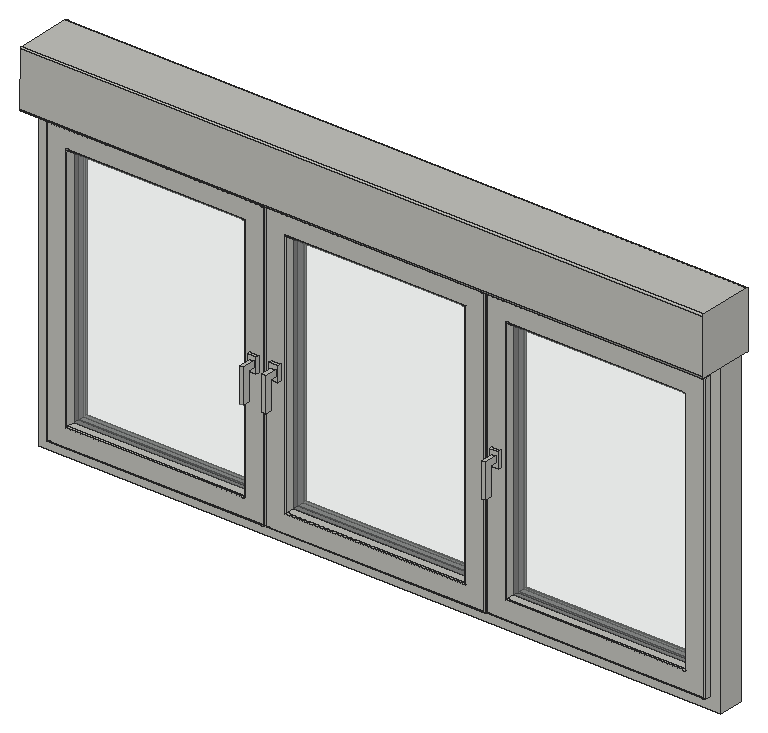
Revit family "2021_ES_Ventana_Replus_RE80-PVC-i30_1130X_BOX_3H_Cajon-Persiana", category Ventanas, Revit 2021
Family settings
  Anfitrión = Muro
  Número OmniClass = 23.30.20.00
  Título OmniClass = Windows
  Siempre vertical = Sí
  Corte con vacíos al cargar = No
  Compartido = No
  Punto de cálculo de habitación = No
Parameters (values of type "1130X_BOX")
  Ι_Wll Thcknss [instance] = 200.000 mm
  Ι_Wdth Cntrl = if(Anchura < 1059.000 mm, 1059.000 mm, if(Anchura > 2961.000 mm, 2961.000 mm, Anchura))  # 2200.000 mm
  Ι_Nst Cntrl [instance] = if(Retranqueo > Ι_Wll Thcknss - 80.000 mm, Ι_Wll Thcknss - 80.000 mm, if(Retranqueo = Ι_Wll Thcknss - 80.000 mm, Ι_Wll Thcknss - 80.000 mm, Retranqueo))  # 0.000 mm
  Ι_Hndl Hght Cntrl = if(Altura de Manilla < 200.000 mm, 200.000 mm, if(Altura de Manilla > Ι_Hght Cntrl - 150.000 mm, Ι_Hght Cntrl - 150.000 mm, Altura de Manilla))  # 500.000 mm
  Ι_Hght Cntrl = if(Altura < 429.000 mm, 429.000 mm, if(Altura > 2658.000 mm, 2658.000 mm, Altura))  # 1000.000 mm
  Zona = ""
  Visibilidad Líneas Apertura - Planta = yes
  Visibilidad Líneas Apertura - Alzado = yes
  Vida Util Esperada = ""
  Version Estandar GDO-BIM = "GDO-BIM V02"  # constant formula
  Version = "RVT2021"  # constant formula
  Verano de transmitancia termica = 0
  Unidad Medicion = ""
  Unidad = ""
  Uniclass2015 Titulo = ""
  Uniclass2015 Codigo = ""
  URL de Declaracion de Prestaciones = ""
  URL Producto = "https://replus.es/bim/"
  URL Perfil BIM = "https://bimetica.com/es/objeto-bim-replus-ventana-re80-pvc-i30-2-hojas-oscilobatientes-11109.html"
  URL = "https://replus.es/"
  UNSPSC Titulo = "Windows"  # constant formula
  UNSPSC Codigo = "30171600"  # constant formula
  Transmitancia termica invierno = 0
  Transmitancia solar = 0
  Transmitancia de ganancia de calor solar = 0
  Transmision de luz visible = 0
  Titular = "Regicarp, S.L."  # constant formula
  Tipo Embalaje Proteccion = ""
  Tiene antepecho interno = yes
  Tiene antepecho externo = yes
  Tiempo Util De Vida = ""
  Tiempo Medio Entre Fallos = ""
  Telefono Contacto = "+34 966544310"  # constant formula
  Soporte tecnico BIM = "https://bimsupport.info/es/fabricantes/regicarp-replus-bim/"
  Sistema = ""
  Serie = ""
  Responsable Seguridad = ""
  Responsable Prescripcion = ""
  Responsable Compra = ""
  Residuos Peligrosos por Unidad = 0
  Residuos No Peligrosos por Unidad = 0
  Residuo Radioactivo por Unidad = 0
  Residuo Inerte por Unidad = 0
  Reflectancia solar = 0
  Reflectancia de luz visible = 0
  Referencia Unidad Funcional = ""
  Referencia Lote = ""
  Referencia Contacto Soporte Tecnico = ""
  Referencia Contacto Comercial Venta = ""
  Referencia = "RE 80/PVC/i30"
  Punto de Contacto = ""
  Proteccion con Malla = yes
  Plataforma descaga contenido BIM = "www.bimetica.com"
  Periodo Garantia = ""
  Partida URL = ""
  Pais de Venta = ""
  Omniclass Titulo = "Plastic Windows"  # constant formula
  Omniclass Codigo = "23-17 13 17"  # constant formula
  Numero de Licencia = "XXXXXXXXXX9500 / No-aportada por bimboject AB (anterior)"  # constant formula
  Numero de Declaracion de Prestaciones = ""
  Numero Serie = ""
  Numero Articulo Global Comercial = ""
  Numero Articulo = ""
  Nivel de Riesgo = ""
  Material Envoltura = ""
  Material Contenedor = ""
  Material = none
  Masterformat Titulo = "Plastic Windows"  # constant formula
  Masterformat Codigo = "08 53 00"  # constant formula
  Marcado CE = yes
  Mantenimiento = ""
  Lugar Ensamblaje = ""
  Instrucciones Especiales = ""
  Informacion Tecnica = ""
  IfcExportType = "Oscilobatiente"  # constant formula
  IfcExportAs = "IfcWindow"  # constant formula
  Identificador Garantia = ""
  Historial = "(RVT2021) Creacion de Elemento."  # constant formula
  Gubimclass Titulo = "Ventanas de fachadas"  # constant formula
  Gubimclass Codigo = "30.10.20.10"  # constant formula
  Gas de Relleno = ""
  Garantia Extendida = yes
  Fuente Datos LCA = ""
  Formacion Fotoquimica Ozono por Unidad = 0
  Fecha Vencimiento Elemento BIM = ""
  Fecha Suministro = ""
  Fecha Inicio Garantia = ""
  Fecha Fin Garantia = ""
  Fecha Evaluacion = ""
  Fecha Emision Elemento BIM = ""
  Fecha Compra = ""
  Fecha Colocacion = ""
  Fase Ciclo Vida = ""
  Falta de Recursos por Unidad = 0
  Exclusiones = ""
  Eutrofizacion por Unidad = 0
  Etiqueta Modelo = ""
  Estandar seguridad = ""
  Espesor de vidrio 3 = 0.000 mm
  Espesor de vidrio 2 = 0.000 mm
  Espesor de vidrio 1 = 0.000 mm
  Espacio libre acceso = 0.000 mm
  Espacio = ""
  Es templado = yes
  Es recubierto = yes
  Es laminado = yes
  Es Exterior = yes
  Es Accesible = yes
  Energia consumida = 0
  Energia Renovable Consumida por Unidad = 0
  Energia Primaria Total Consumida por Unidad = 0
  Energia No Renovable Consumida por Unidad = 0
  Email Contacto = "info@replus.es"  # constant formula
  Destruccion Capa Ozono Estratosferica por Unidad = 0
  Descripcion Evaluacion = ""
  Dependiente De = ""
  Declaracion Ambiental de Producto URL = ""
  Creditos LEED = ""
  Creditos BREEAM = ""
  Coste Mantenimiento = 0
  Contenido Garantia = ""
  Contacto = ""
  Condiciones de Venta = ""
  Condiciones Evaluacion = ""
  Color de vidrio = ""
  Coeficiente de sombreado = 0
  Codigo Barras = ""
  Codigo = ""
  Clasificacion de carga de viento = ""
  Capas de vidrio = 0
  Cambio Climatico por Unidad = 0
  COBie Categoria = "IfcWindow"
  Base Precio Producto 03 = ""
  Base Precio Producto 02 = ""
  Base Precio Producto 01 = ""
  Autor = "Bimetica Parametric Design Services S.L. (actual) / bimobject AB (anterior)"
  Ano Produccion = ""
  Anchura aproximada = Ι_Wdth Cntrl + 2 * Hueco  # 2210.000 mm
  Altura minima requerida = 0.000 mm
  Altura aproximada = Ι_Hght Cntrl + 2 * Hueco  # 1010.000 mm
  Retranqueo [instance] = 0.000 mm
  Product Material = PVC - Replus - 9152 - White
  Modelo = "1130X_BOX"
  Material secondary = "Glass"
  Material main = "PVC"
  Fabricante = "Replus"
  Nota clave = "08500"
  I_Lf_Cntrl = (Ι_Wdth Cntrl - 2.000 mm * 36.8 - 6.000 mm) / 2  # 1060.200 mm
  I_Glss_Wdth = (Ι_Wdth Cntrl - 2.000 mm * 36.8 - 6.000 mm) / 2 - (79.000 mm * 2)  # 902.200 mm
  Hueco = 5.000 mm
  Altura = 1000.000 mm
  Exceso Dimensiones = or(and(Altura < 429.000 mm, Advertencia Dimensión), and(Anchura < 791.000 mm, Advertencia Dimensión), and(Anchura > 2961.000 mm, Advertencia Dimensión), and(Altura > 2658.000 mm, Advertencia Dimensión))  # no
  Edition number = 1
  Descripción = "Perfiles de hoja oculta en PVC, mejorando sustancialmente el campo visual, con triple junta (mediante junta rigida en el marco) protegiendo de esta manera todos los puntos de cierre, aumentando la seguridad y proporcionando una junta perimetral completa, con perfilería de clasificación máxima S-II-A"
  Default Sill Height = 800.000 mm
  Cierre de muro = Por anfitrión
  Anchura = 2200.000 mm
  Código de montaje = "B2020100"
  Construcción analítica = "<None>"
  Altura de Manilla = 500.000 mm
  Agua Consumida por Unidad = 0
  Advertencia Dimensión = yes
  Acidificacion Atmosferica por Unidad = 0
  Acabado = ""
  Absorcion solar = 0
Reference planes
  plane 1 "Center (Front/Back)": y = 0
  plane 2 "Center (Left/Right)": x = 0
  plane 3 "Left": x = -749.6
  plane 4 "Right": x = 1460.4
  plane 5 "Sill": z = 800
  plane 6 "Head": z = 1995
  plane 7 "Exterior": y = 100
  plane 8 "Interior": y = -100
  plane 9: x = -744.6
  plane 10: x = 1455.4
  plane 11: z = 1805
  plane 12: z = 805
  plane 13 "Inset": y = -20
  plane 14: x = -704.8
  plane 15: x = 707.8
  plane 16: z = 1768.2
  plane 17: z = 841.8
  plane 18 "fg": x = -644.8
  plane 19 "glass": y = -42.5
  plane 20: y = -46.5
  plane 21: y = -64.5
  plane 22: y = -68.5
  plane 23: y = -86.5
  plane 24: y = -90.5
  plane 25: x = 647.8
  plane 26 "fg2": z = 1720.2
  plane 27: z = 889.8
  plane 28: x = -3
  plane 29: x = 3
  plane 30: x = 63
  plane 31: x = -63
  plane 32: x = -35
  plane 33: x = 35
  plane 34: x = -353.9
  plane 35: x = 355.4
  plane 36: z = 1305
  plane 37: y = -53
  plane 38: y = -104.304
  plane 39: y = 500
  plane 40: y = -100
  plane 41: x = -46
  plane 42: x = 46
  plane 43: x = -661.8
  plane 44: x = 664.8
  plane 45: z = 1725.2
  plane 46: z = 884.8
  plane 47: z = 1704.2
  plane 48: z = 905.8
  plane 49: x = -640.8
  plane 50: x = -67
  plane 51: x = 67
  plane 52: x = 643.8
  plane 53: y = -38.5
  plane 54: y = -118.5
  plane 55 "C": y = -78.5
  plane 56 "fg3": x = -656.8
  plane 57 "5": x = -51
  plane 58 "3": x = -650.8
  plane 59 "1": z = 895.8
  plane 60 "2": z = 1714.2
  plane 61 "4": x = -57
  plane 62: x = 51
  plane 63: x = 659.8
  plane 64: x = 57
  plane 65: x = 653.8
  plane 66: x = 710.8
  plane 67: x = 713.8
  plane 68: x = 1418.6
  plane 69: x = 756.8
  plane 70: x = 1375.6
  plane 71: x = 761.8
  plane 72: x = 1370.6
  plane 73: x = 777.8
  plane 74: x = 1354.6
  plane 75: x = 767.8
  plane 76: x = 773.8
  plane 77: x = 1364.6
  plane 78: x = 1358.6
  plane 79: x = 745.8
  plane 80: x = 675.8
  plane 81: x = -707.8
  plane 82: x = 1066.2
  plane 83: x = 1421.6
  plane 84: x = -710.8
  plane 85: z = 1990
  plane 86: y = 10
Forms (mm)
  Sweep 1, solid, material "PVC - Replus - 9152 - White" <- "Product Material", detail levels fine
    path origin (0, -20, 0) x (-1, 0, 0) y (0, 0, 1)
      loop
        line (744.6, 1805) -> (-1455.4, 1805) -> (-1455.4, 805) -> (744.6, 805) -> (744.6, 1805)
    profile origin (-744.6, -20, 1305) x (1, 0, 0) y (0, 1, 0)
      loop
        line (0, -80) -> (43.8, -80)
        arc (43.8, -80) -> (44.507, -79.707) -> (44.8, -79) r 1
        line (44.8, -79) -> (44.8, -38) -> (63.811, -38) -> (63.811, -18.5) -> (75.767, -18.5)
        arc (75.767, -18.5) -> (76.56, -18.109) -> (76.733, -17.241) r 1
        line (76.733, -17.241) -> (72.709, -2.224)
        arc (72.709, -2.224) -> (71.637, -0.62) -> (69.811, 0) r 3
        line (69.811, 0) -> (0, 0) -> (0, -80)
  Extrusion 2, solid, material "Glass - Replus", detail levels fine
    sketch origin (0, 0, 0) x (1, 0, 0) y (0, 1, 0)
      loop
        line (-656.8, -42.5) -> (-656.8, -46.5) -> (-51, -46.5) -> (-51, -42.5) -> (-656.8, -42.5)
      loop
        line (-656.8, -64.5) -> (-656.8, -68.5) -> (-51, -68.5) -> (-51, -64.5) -> (-656.8, -64.5)
      loop
        line (-656.8, -86.5) -> (-656.8, -90.5) -> (-51, -90.5) -> (-51, -86.5) -> (-656.8, -86.5)
      loop
        line (51, -42.5) -> (51, -46.5) -> (659.8, -46.5) -> (659.8, -42.5) -> (51, -42.5)
      loop
        line (51, -64.5) -> (51, -68.5) -> (659.8, -68.5) -> (659.8, -64.5) -> (51, -64.5)
      loop
        line (51, -86.5) -> (51, -90.5) -> (659.8, -90.5) -> (659.8, -86.5) -> (51, -86.5)
      loop
        line (761.8, -42.5) -> (761.8, -46.5) -> (1370.6, -46.5) -> (1370.6, -42.5) -> (761.8, -42.5)
      loop
        line (761.8, -64.5) -> (761.8, -68.5) -> (1370.6, -68.5) -> (1370.6, -64.5) -> (761.8, -64.5)
      loop
        line (761.8, -86.5) -> (761.8, -90.5) -> (1370.6, -90.5) -> (1370.6, -86.5) -> (761.8, -86.5)
    from 889.8 to 1720.2
  Sweep 3, solid, material "PVC - Replus - 9152 - White" <- "Product Material", detail levels fine
    path origin (0, -20, 0) x (-1, 0, 0) y (0, 0, 1)
      loop
        line (0, 1768.2) -> (0, 841.8)
    profile "Profile 05 - Inversora : Profile 05 - Inversora" origin (0, -20, 1305) x (-1, 0, 0) y (0, 1, 0)
      loop
        line (36.791, 0) -> (-38.492, 0)
        arc (-38.492, 0) -> (-39.937, -0.49) -> (-40.784, -1.758) r 2.372
        line (-40.784, -1.758) -> (-45.27, -18.5) -> (-35.296, -18.5) -> (-19.158, -18.5) -> (-19.158, -28.799) -> (-35.094, -38) -> (-10.996, -38) -> (-10.996, -58.9) -> (-8.796, -58.9) -> (-8.796, -60.9) -> (-5.696, -60.9) -> (-5.696, -59.85) -> (0.504, -59.85) -> (0.504, -74.15) -> (-6.296, -74.15) -> (-6.296, -73.1) -> (-8.796, -73.1) -> (-8.796, -75.1) -> (-10.996, -75.1) -> (-10.996, -79.5)
        arc (-10.996, -79.5) -> (-10.85, -79.854) -> (-10.496, -80) r 0.5
        line (-10.496, -80) -> (22.004, -80) -> (22.004, -79) -> (22.004, -56.25) -> (22.004, -38) -> (33.504, -38)
        arc (33.504, -38) -> (33.857, -37.854) -> (34.004, -37.5) r 0.5
        line (34.004, -37.5) -> (34.004, -20.5) -> (34.004, -18.5) -> (43.47, -18.5) -> (38.958, -1.663)
        arc (38.958, -1.663) -> (38.157, -0.464) -> (36.791, 0) r 2.243
  Sweep 4, solid, material "PVC - Replus - 9152 - White" <- "Product Material", detail levels fine
    path origin (0, -20, 0) x (-1, 0, 0) y (0, 0, 1)
      loop
        line (-707.8, 1768.2) -> (-707.8, 841.8) -> (-3, 841.8) -> (-3, 1768.2) -> (-707.8, 1768.2)
    profile origin (3, -20, 1305) x (0, 1, 0) y (-1, 0, 0)
      loop
        line (-32.5, -33) -> (-42, -33) -> (-42, -27.5) -> (-42, -20) -> (-80, -20) -> (-80, -7.5) -> (-80, 0) -> (-95.5, 0)
        arc (-95.5, 0) -> (-97.621, -0.879) -> (-98.5, -3) r 3
        line (-98.5, -3) -> (-98.5, -61)
        arc (-98.5, -61) -> (-97.621, -63.121) -> (-95.5, -64) r 3
        line (-95.5, -64) -> (-70.5, -64) -> (-70.5, -43) -> (-22.5, -43) -> (-22.5, -40.495) -> (-22.5, -33) -> (-32.5, -33)
  Sweep 5, solid, material "PVC - Replus - 9152 - White" <- "Product Material", detail levels fine
    path origin (0, -20, 0) x (-1, 0, 0) y (0, 0, 1)
      loop
        line (704.8, 1768.2) -> (3, 1768.2) -> (3, 841.8) -> (704.8, 841.8) -> (704.8, 1768.2)
    profile origin (-704.8, -20, 1305) x (1, 0, 0) y (0, 1, 0)
      loop
        line (33, -32.5) -> (33, -42) -> (27.5, -42) -> (20, -42) -> (20, -80) -> (7.5, -80) -> (0, -80) -> (0, -95.5)
        arc (0, -95.5) -> (0.879, -97.621) -> (3, -98.5) r 3
        line (3, -98.5) -> (61, -98.5)
        arc (61, -98.5) -> (63.121, -97.621) -> (64, -95.5) r 3
        line (64, -95.5) -> (64, -70.5) -> (43, -70.5) -> (43, -22.5) -> (40.495, -22.5) -> (33, -22.5) -> (33, -32.5)
  Sweep 6, solid, material "PVC - Replus - 9152 - White" <- "Product Material", detail levels medium
    path origin (0, -20, 0) x (-1, 0, 0) y (0, 0, 1)
      loop
        line (0, 841.8) -> (0, 1768.2)
    profile origin (0, -20, 1305) x (1, 0, 0) y (0, 1, 0)
      loop
        line (-43.202, 0) -> (-43.202, -18.5) -> (-36, -18.5) -> (-36, -19.5) -> (-36, -42) -> (-23.004, -42) -> (-23.004, -80) -> (23, -80) -> (23, -58.9) -> (23, -42) -> (36, -42) -> (36, -38.377) -> (36, -18.5) -> (41.196, -18.5) -> (44.198, -18.5) -> (44.198, 0) -> (-43.202, 0)
  Sweep 7, solid, material "PVC - Replus - 9152 - White" <- "Product Material", detail levels medium
    path origin (0, -20, 0) x (-1, 0, 0) y (0, 0, 1)
      loop
        line (744.6, 1805) -> (-1455.4, 1805) -> (-1455.4, 805) -> (744.6, 805) -> (744.6, 1805)
    profile origin (-744.6, -20, 1305) x (1, 0, 0) y (0, 1, 0)
      loop
        line (0, -80) -> (56.8, -80) -> (56.8, -42) -> (69.8, -42) -> (69.8, -18.5) -> (76.662, -18.5) -> (76.662, 0) -> (0, 0) -> (0, -80)
  Sweep 8, solid, material "PVC - Replus - 9152 - White" <- "Product Material", detail levels medium
    path origin (0, -20, 0) x (-1, 0, 0) y (0, 0, 1)
      loop
        line (704.8, 1768.2) -> (3, 1768.2) -> (3, 841.8) -> (704.8, 841.8) -> (704.8, 1768.2)
    profile origin (-704.8, -20, 1305) x (1, 0, 0) y (0, 1, 0)
      loop
        line (20, -42) -> (20, -80) -> (0, -80) -> (0, -98.5) -> (64, -98.5) -> (64, -70.5) -> (43, -70.5) -> (43, -22.5) -> (33, -22.5) -> (33, -42) -> (20, -42)
  Sweep 9, solid, material "PVC - Replus - 9152 - White" <- "Product Material", detail levels medium
    path origin (0, -20, 0) x (-1, 0, 0) y (0, 0, 1)
      loop
        line (-3, 1768.2) -> (-707.8, 1768.2) -> (-707.8, 841.8) -> (-3, 841.8) -> (-3, 1768.2)
    profile origin (3, -20, 1305) x (1, 0, 0) y (0, 1, 0)
      loop
        line (20, -42) -> (20, -80) -> (0, -80) -> (0, -98.5) -> (64, -98.5) -> (64, -70.5) -> (43, -70.5) -> (43, -22.5) -> (33, -22.5) -> (33, -42) -> (20, -42)
  Sweep 10, solid, material "PVC - Replus - 9152 - White" <- "Product Material", detail levels coarse
    path origin (0, -20, 0) x (-1, 0, 0) y (0, 0, 1)
      loop
        line (744.6, 1805) -> (-1455.4, 1805) -> (-1455.4, 805) -> (744.6, 805) -> (744.6, 1805)
    profile origin (-744.6, -20, 1305) x (1, 0, 0) y (0, 1, 0)
      loop
        line (0, -80) -> (56.8, -80) -> (56.8, -18.5) -> (76.662, -18.5) -> (76.662, 0) -> (0, 0) -> (0, -80)
  Sweep 11, solid, material "PVC - Replus - 9152 - White" <- "Product Material", detail levels coarse
    path origin (0, -20, 0) x (-1, 0, 0) y (0, 0, 1)
      loop
        line (704.8, 1768.2) -> (3, 1768.2) -> (3, 841.8) -> (704.8, 841.8) -> (704.8, 1768.2)
    profile origin (-704.8, -20, 1305) x (1, 0, 0) y (0, 1, 0)
      loop
        line (20, -75.1) -> (20, -80) -> (7.5, -80) -> (0, -80) -> (0, -98.5) -> (64, -98.5) -> (64, -18.5) -> (43, -18.5) -> (40.495, -18.5) -> (20, -18.5) -> (20, -75.1)
  Sweep 12, solid, material "PVC - Replus - 9152 - White" <- "Product Material", detail levels coarse
    path origin (0, -20, 0) x (-1, 0, 0) y (0, 0, 1)
      loop
        line (-3, 1768.2) -> (-707.8, 1768.2) -> (-707.8, 841.8) -> (-3, 841.8) -> (-3, 1768.2)
    profile origin (3, -20, 1305) x (1, 0, 0) y (0, 1, 0)
      loop
        line (20, -75.1) -> (20, -80) -> (7.5, -80) -> (0, -80) -> (0, -98.5) -> (64, -98.5) -> (64, -18.5) -> (43, -18.5) -> (40.495, -18.5) -> (20, -18.5) -> (20, -75.1)
  Extrusion 13, solid, material "Glass - Replus", detail levels medium
    sketch origin (0, 0, 0) x (1, 0, 0) y (0, 1, 0)
      loop
        line (-661.8, -42.5) -> (-661.8, -90.5) -> (-46, -90.5) -> (-46, -42.5) -> (-661.8, -42.5)
      loop
        line (664.8, -42.5) -> (46, -42.5) -> (46, -90.5) -> (664.8, -90.5) -> (664.8, -42.5)
      loop
        line (756.8, -42.5) -> (756.8, -90.5) -> (1375.6, -90.5) -> (1375.6, -42.5) -> (756.8, -42.5)
    from 884.8 to 1725.2
  Sweep 14, solid, material "PVC - Replus - 9152 - White" <- "Product Material", detail levels coarse
    path origin (0, -20, 0) x (-1, 0, 0) y (0, 0, 1)
      loop
        line (0, 841.8) -> (0, 1768.2)
    profile origin (0, -20, 1305) x (1, 0, 0) y (0, 1, 0)
      loop
        line (-43.206, 0) -> (-43.206, -18.5) -> (-23.004, -18.5) -> (-23.004, -80) -> (22.996, -80) -> (22.996, -18.5) -> (41.192, -18.5) -> (44.194, -18.5) -> (44.194, 0) -> (-43.206, 0)
  Extrusion 15, solid, material "Glass - Replus", detail levels coarse
    sketch origin (0, 0, 0) x (1, 0, 0) y (0, 1, 0)
      loop
        line (-640.8, -38.5) -> (-640.8, -118.5) -> (-67, -118.5) -> (-67, -38.5) -> (-640.8, -38.5)
      loop
        line (67, -38.5) -> (67, -118.5) -> (643.8, -118.5) -> (643.8, -38.5) -> (67, -38.5)
      loop
        line (777.8, -118.5) -> (1354.6, -118.5) -> (1354.6, -38.5) -> (777.8, -38.5) -> (777.8, -118.5)
    from 905.8 to 1704.2
  Sweep 16, solid, material "Rubber - Replus - Black", detail levels fine
    path origin (0, -20, 0) x (-1, 0, 0) y (0, 0, 1)
      loop
        line (650.8, 1714.2) -> (57, 1714.2) -> (57, 895.8) -> (650.8, 895.8) -> (650.8, 1714.2)
    profile origin (-650.8, -20, 1305) x (1, 0, 0) y (0, 1, 0)
      loop
        line (0, -26.5) -> (0, -44.5) -> (6, -44.5) -> (6, -26.5) -> (0, -26.5)
      loop
        line (0, -48.5) -> (0, -66.5) -> (6, -66.5) -> (6, -48.5) -> (0, -48.5)
  Sweep 17, solid, material "Rubber - Replus - Black", detail levels medium+fine
    path origin (0, -20, 0) x (-1, 0, 0) y (0, 0, 1)
      loop
        line (661.8, 1725.2) -> (46, 1725.2) -> (46, 884.8) -> (661.8, 884.8) -> (661.8, 1725.2)
    profile origin (-661.8, -20, 1305) x (1, 0, 0) y (0, 1, 0)
      loop
        line (-10, -18.5) -> (-10, -22.5) -> (21, -22.5) -> (21, -18.5) -> (-10, -18.5)
  Sweep 18, solid, material "Rubber - Replus - Black", detail levels medium+fine
    path origin (566.2, -20, 0) x (-1, 0, 0) y (0, 0, 1)
      loop
        line (520.2, 1725.2) -> (-98.6, 1725.2) -> (-98.6, 884.8) -> (520.2, 884.8) -> (520.2, 1725.2)
    profile origin (46, -20, 1305) x (1, 0, 0) y (0, 1, 0)
      loop
        line (-10, -18.5) -> (-10, -22.5) -> (21, -22.5) -> (21, -18.5) -> (-10, -18.5)
  Sweep 19, solid, material "Rubber - Replus - Black", detail levels fine
    path origin (566.2, -20, 0) x (-1, 0, 0) y (0, 0, 1)
      loop
        line (509.2, 1714.2) -> (-87.6, 1714.2) -> (-87.6, 895.8) -> (509.2, 895.8) -> (509.2, 1714.2)
    profile origin (57, -20, 1305) x (1, 0, 0) y (0, 1, 0)
      loop
        line (0, -26.5) -> (0, -44.5) -> (6, -44.5) -> (6, -26.5) -> (0, -26.5)
      loop
        line (0, -48.5) -> (0, -66.5) -> (6, -66.5) -> (6, -48.5) -> (0, -48.5)
  Sweep 20, solid, material "PVC - Replus - 9152 - White" <- "Product Material", detail levels coarse
    path origin (571.377, -20, 0) x (-1, 0, 0) y (0, 0, 1)
      loop
        line (-139.423, 841.8) -> (-139.423, 1768.2)
    profile origin (710.8, -20, 1305) x (1, 0, 0) y (0, 1, 0)
      loop
        line (-43.206, 0) -> (-43.206, -18.5) -> (-23.004, -18.5) -> (-23.004, -80) -> (22.996, -80) -> (22.996, -18.5) -> (41.192, -18.5) -> (44.194, -18.5) -> (44.194, 0) -> (-43.206, 0)
  Sweep 21, solid, material "PVC - Replus - 9152 - White" <- "Product Material", detail levels fine
    path origin (358.254, -20, -272.624) x (-1, 0, 0) y (0, 0, 1)
      loop
        line (-352.546, 2040.824) -> (-352.546, 1114.424)
    profile "Profile 05 - Inversora : Profile 05 - Inversora" origin (710.8, -20, 1305) x (-1, 0, 0) y (0, 1, 0)
      loop
        line (36.791, 0) -> (-38.492, 0)
        arc (-38.492, 0) -> (-39.937, -0.49) -> (-40.784, -1.758) r 2.372
        line (-40.784, -1.758) -> (-45.27, -18.5) -> (-35.296, -18.5) -> (-19.158, -18.5) -> (-19.158, -28.799) -> (-35.094, -38) -> (-10.996, -38) -> (-10.996, -58.9) -> (-8.796, -58.9) -> (-8.796, -60.9) -> (-5.696, -60.9) -> (-5.696, -59.85) -> (0.504, -59.85) -> (0.504, -74.15) -> (-6.296, -74.15) -> (-6.296, -73.1) -> (-8.796, -73.1) -> (-8.796, -75.1) -> (-10.996, -75.1) -> (-10.996, -79.5)
        arc (-10.996, -79.5) -> (-10.85, -79.854) -> (-10.496, -80) r 0.5
        line (-10.496, -80) -> (22.004, -80) -> (22.004, -79) -> (22.004, -56.25) -> (22.004, -38) -> (33.504, -38)
        arc (33.504, -38) -> (33.857, -37.854) -> (34.004, -37.5) r 0.5
        line (34.004, -37.5) -> (34.004, -20.5) -> (34.004, -18.5) -> (43.47, -18.5) -> (38.958, -1.663)
        arc (38.958, -1.663) -> (38.157, -0.464) -> (36.791, 0) r 2.243
  Sweep 22, solid, material "PVC - Replus - 9152 - White" <- "Product Material", detail levels medium
    path origin (453.483, -20, -119.529) x (-1, 0, 0) y (0, 0, 1)
      loop
        line (-257.317, 961.329) -> (-257.317, 1887.729)
    profile origin (710.8, -20, 1305) x (1, 0, 0) y (0, 1, 0)
      loop
        line (-43.202, 0) -> (-43.202, -18.5) -> (-36, -18.5) -> (-36, -19.5) -> (-36, -42) -> (-23.004, -42) -> (-23.004, -80) -> (23, -80) -> (23, -58.9) -> (23, -42) -> (36, -42) -> (36, -38.377) -> (36, -18.5) -> (41.196, -18.5) -> (44.198, -18.5) -> (44.198, 0) -> (-43.202, 0)
  Sweep 23, solid, material "PVC - Replus - 9152 - White" <- "Product Material", detail levels medium
    path origin (1659.013, -20, 0) x (1, 0, 0) y (0, 0, -1)
      loop
        line (-240.413, -1768.2) -> (-240.413, -841.8) -> (-945.213, -841.8) -> (-945.213, -1768.2) -> (-240.413, -1768.2)
    profile origin (1418.6, -20, 1305) x (1, 0, 0) y (0, 1, 0)
      loop
        line (-20, -42) -> (-33, -42) -> (-33, -22.5) -> (-43, -22.5) -> (-43, -70.5) -> (-64, -70.5) -> (-64, -98.5) -> (0, -98.5) -> (0, -80) -> (-20, -80) -> (-20, -42)
  Sweep 24, solid, material "PVC - Replus - 9152 - White" <- "Product Material", detail levels coarse
    path origin (1110, -20, 0) x (1, 0, 0) y (0, 0, -1)
      loop
        line (308.6, -1768.2) -> (308.6, -841.8) -> (-396.2, -841.8) -> (-396.2, -1768.2) -> (308.6, -1768.2)
    profile origin (1418.6, -20, 1305) x (1, 0, 0) y (0, 1, 0)
      loop
        line (-20, -75.1) -> (-20, -18.5) -> (-40.495, -18.5) -> (-43, -18.5) -> (-64, -18.5) -> (-64, -98.5) -> (0, -98.5) -> (0, -80) -> (-7.5, -80) -> (-20, -80) -> (-20, -75.1)
  Sweep 25, solid, material "Rubber - Replus - Black", detail levels medium+fine
    path origin (543.8, -20, 0) x (1, 0, 0) y (0, 0, -1)
      loop
        line (810.8, -1704.2) -> (810.8, -905.8) -> (234, -905.8) -> (234, -1704.2) -> (810.8, -1704.2)
    profile origin (1354.6, -20, 1305) x (1, 0, 0) y (0, 1, 0)
      loop
        line (31, -18.5) -> (0, -18.5) -> (0, -22.5) -> (31, -22.5) -> (31, -18.5)
  Sweep 26, solid, material "Rubber - Replus - Black", detail levels fine
    path origin (543.8, -20, 0) x (1, 0, 0) y (0, 0, -1)
      loop
        line (820.8, -1714.2) -> (820.8, -895.8) -> (224, -895.8) -> (224, -1714.2) -> (820.8, -1714.2)
    profile origin (1364.6, -20, 1305) x (1, 0, 0) y (0, 1, 0)
      loop
        line (0, -26.5) -> (-6, -26.5) -> (-6, -44.5) -> (0, -44.5) -> (0, -26.5)
      loop
        line (0, -48.5) -> (-6, -48.5) -> (-6, -66.5) -> (0, -66.5) -> (0, -48.5)
  Sweep 27, solid, material "PVC - Replus - 9152 - White" <- "Product Material", detail levels fine
    path origin (1100, -20, 0) x (1, 0, 0) y (0, 0, -1)
      loop
        line (-386.2, -1768.2) -> (318.6, -1768.2) -> (318.6, -841.8) -> (-386.2, -841.8) -> (-386.2, -1768.2)
    profile origin (1418.6, -20, 1305) x (0, 1, 0) y (-1, 0, 0)
      loop
        line (-32.5, 33) -> (-22.5, 33) -> (-22.5, 40.495) -> (-22.5, 43) -> (-70.5, 43) -> (-70.5, 64) -> (-95.5, 64)
        arc (-95.5, 64) -> (-97.621, 63.121) -> (-98.5, 61) r 3
        line (-98.5, 61) -> (-98.5, 3)
        arc (-98.5, 3) -> (-97.621, 0.879) -> (-95.5, 0) r 3
        line (-95.5, 0) -> (-80, 0) -> (-80, 7.5) -> (-80, 20) -> (-42, 20) -> (-42, 27.5) -> (-42, 33) -> (-32.5, 33)
Cuts and joins
  joined: Sweep 6, Sweep 7, Sweep 22
  joined: Sweep 10, Sweep 14, Sweep 20
  joined: Sweep 1, Sweep 3, Sweep 21
Lines and regions (mm)
  Opening 1
    outline origin (3500, -100, 0) x (1, 0, 0) y (0, 0, 1)
      loop
        line (-2039.6, 800) -> (-2039.6, 1995) -> (-4249.6, 1995) -> (-4249.6, 800) -> (-2039.6, 800)
  symbolic lines, style "Symbolic Lines Replus", visible <- "Visibilidad Líneas Apertura - Alzado"
    curve 1: line (-353.9, -20, 1704.2) -> (-640.8, -20, 905.8)
    curve 2: line (-353.9, -20, 1704.2) -> (-67, -20, 905.8)
    curve 3: line (-67, -20, 1305) -> (-640.8, -20, 1706.96)
    curve 4: line (-67, -20, 1305) -> (-640.8, -20, 905.8)
    curve 5: line (355.4, -20, 1704.218) -> (67, -20, 905.8)
    curve 6: line (355.4, -20, 1704.218) -> (643.8, -20, 905.8)
    curve 7: line (67, -20, 1305) -> (643.8, -20, 1704.2)
    curve 8: line (67, -20, 1305) -> (643.8, -20, 905.8)
    curve 22: line (1066.2, -20, 1704.2) -> (777.8, -20, 905.8)
    curve 23: line (1066.2, -20, 1704.2) -> (1354.588, -20, 905.8)
    curve 24: line (777.8, -20, 1305) -> (1354.64, -20, 1704.2)
    curve 25: line (777.8, -20, 1305) -> (1354.588, -20, 905.8)
  symbolic lines, detail levels coarse
    curve 9: line (643.8, -78.5, 0) -> (67, -78.5, 0)
    curve 10: line (-640.8, -78.5, 0) -> (-67, -78.5, 0)
    curve 11: line (-749.6, -78.5, 1704.2) -> (-749.6, -78.5, 905.8)
    curve 30: line (-640.8, -78.5, 0) -> (-774.8, -78.5, 0)
    curve 31: line (1354.6, -78.5, 0) -> (777.8, -78.5, 0)
  symbolic lines, visible <- "Visibilidad Líneas Apertura - Planta"
    curve 12: line (-704.8, -118.5, 0) -> (-704.8, -820.3, 0)
    curve 13: line (707.8, -118.5, 0) -> (707.8, -823.3, 0)
    curve 32: arc (-3, -118.5, 0) -> (-208.552, -614.748, 0) -> (-704.8, -820.3, 0) r 701.8
    curve 33: arc (3, -118.5, 0) -> (209.431, -616.869, 0) -> (707.8, -823.3, 0) r 704.8
  model lines, style "Symbolic Lines Replus", visible <- "Visibilidad Líneas Apertura - Alzado"
    curve 14: line (-353.9, -42.5, 1704.2) -> (-640.8, -42.5, 905.8)
    curve 15: line (-67, -42.5, 905.8) -> (-353.9, -42.5, 1704.2)
    curve 16: line (-67, -42.5, 1305) -> (-640.8, -42.5, 1704.2)
    curve 17: line (-67, -42.5, 1305) -> (-640.8, -42.5, 905.8)
    curve 18: line (355.4, -42.5, 1704.2) -> (67, -42.5, 905.8)
    curve 19: line (643.8, -42.5, 905.8) -> (355.4, -42.5, 1704.2)
    curve 20: line (67, -42.5, 1305) -> (643.8, -42.5, 1704.2)
    curve 21: line (67, -42.5, 1305) -> (643.8, -42.5, 905.8)
    curve 26: line (1066.2, -20, 1704.2) -> (777.8, -20, 905.8)
    curve 27: line (1066.2, -20, 1704.2) -> (1354.588, -20, 905.8)
    curve 28: line (777.8, -20, 1305) -> (1354.64, -20, 1704.2)
    curve 29: line (777.8, -20, 1305) -> (1354.588, -20, 905.8)
  symbolic lines
    curve 34: arc (713.8, -118.5, 0) -> (920.231, -616.869, 0) -> (1418.6, -823.3, 0) r 704.8
    curve 35: line (1418.6, -118.5, 0) -> (1418.6, -823.3, 0)
Text (mm)
  text "EXTERIOR" at (-1963.203, 1332.353, 0), in view "Ref. Level"
  text "INTERIOR" at (-1981.466, -818.386, 0), in view "Ref. Level"
  text "Exterior" at (0, 923.751, 2943.296), in view "Right"
  text "Exterior" at (0, 1040.484, 2685.409), in view "Left"
Dimensions and locks
  equal spacing: plane 84, plane 2 "Center (Left/Right)", plane 66, plane 83
  "Ι_Wdth Cntrl": plane 9 to plane 10
  "Ι_Hght Cntrl": plane 12 to plane 11
  "Default Sill Height": plane 5 "Sill" to level
  locked: plane 7 "Exterior" to host wall
  locked: plane 8 "Interior" to host wall
  "Hueco": plane 3 "Left" to plane 9
  "Hueco": plane 10 to plane 4 "Right"
  "Hueco": plane 12 to plane 5 "Sill"
  locked: plane 14 to plane 18 "fg" at 60
  plane 13 "Inset" to plane 19 "glass" to plane 20 to plane 21 to plane 22 to plane 23 to plane 24 = 22.500 mm, 4.000 mm, 18.000 mm, 4.000 mm, 18.000 mm, 4.000 mm
  locked: plane 25 to plane 15 at 60
  plane 28 to plane 2 "Center (Left/Right)" to plane 29 = 3.000 mm locked, 3.000 mm locked
  locked: plane 29 to plane 30 at 60
  locked: plane 31 to plane 28 at 60
  locked: plane 2 "Center (Left/Right)" to plane 33 at 35
  locked: plane 32 to plane 2 "Center (Left/Right)" at 35
  plane 11 to plane 12 = 1000.000 mm
  plane 9 to plane 2 "Center (Left/Right)" = 744.600 mm
  plane 10 to plane 66 to plane 2 "Center (Left/Right)" = 744.600 mm, 710.800 mm
  "Ι_Wll Thcknss": host wall to host wall
  plane 38 to plane 37 to plane 13 "Inset" = 51.304 mm, 33.000 mm
  locked: plane 39 to plane 7 "Exterior" at 400
  "Ι_Hndl Hght Cntrl": plane 36 to plane 12
  plane 40 to plane 24 = 9.500 mm
  "Ι_Nst Cntrl": plane 8 "Interior" to plane 40
  plane 13 "Inset" to plane 53 to plane 54 = 18.500 mm locked, 80.000 mm locked
  locked: plane 54 to plane 55 "C" at 40
  plane 43 to plane 56 "fg3" to plane 58 "3" to plane 18 "fg" to plane 49 = 5.000 mm locked, 6.000 mm locked, 6.000 mm locked, 4.000 mm locked
  plane 48 to plane 59 "1" to plane 27 to plane 46 to plane 17 to plane 12 = 10.000 mm locked, 6.000 mm locked, 5.000 mm locked, 43.000 mm locked, 36.800 mm locked
  plane 11 to plane 16 to plane 45 to plane 26 "fg2" to plane 60 "2" to plane 47 = 36.800 mm locked, 43.000 mm locked, 5.000 mm locked, 6.000 mm locked, 10.000 mm locked
  plane 50 to plane 31 to plane 61 "4" to plane 57 "5" to plane 41 = 4.000 mm locked, 6.000 mm locked, 6.000 mm locked, 5.000 mm locked
  plane 42 to plane 62 to plane 64 to plane 30 to plane 51 = 5.000 mm locked, 6.000 mm locked, 6.000 mm locked, 4.000 mm locked
  plane 52 to plane 25 to plane 65 to plane 63 to plane 44 = 4.000 mm locked, 6.000 mm locked, 6.000 mm locked, 5.000 mm locked
  plane 15 to plane 66 to plane 67 = 3.000 mm locked, 3.000 mm locked
  locked: plane 67 to plane 69 at 43
  locked: plane 70 to plane 68 at 43
  plane 69 to plane 71 to plane 75 to plane 76 to plane 73 = 5.000 mm locked, 6.000 mm locked, 6.000 mm locked, 4.000 mm locked
  plane 74 to plane 78 to plane 77 to plane 72 to plane 70 = 4.000 mm locked, 6.000 mm locked, 6.000 mm locked, 5.000 mm locked
  locked: plane 67 to plane 79 at 32
  locked: plane 80 to plane 15 at 32
  equal spacing: plane 28, plane 34, plane 14
  equal spacing: plane 15, plane 35, plane 29
  plane 14 to plane 43 to plane 56 "fg3" to plane 58 "3" to plane 18 "fg" to plane 49 = 43.000 mm, 5.000 mm, 6.000 mm, 6.000 mm, 4.000 mm
  equal spacing: plane 68, plane 82, plane 67
  locked: plane 84 to plane 81 at 3
  locked: plane 68 to plane 83 at 3
  locked: plane 9 to plane 84 at 33.8
  locked: plane 83 to plane 10 at 33.8
  Extrusion 15 to Extrusion 15 = 134.000 mm
  Sweep 24 to Extrusion 15 = 134.000 mm
  Sweep 24 to plane 10 = 100.800 mm
  "Hueco": plane 6 "Head" to plane 85
  locked: plane 85 to plane 11 at 185
  locked: plane 13 "Inset" to plane 86 at 30
  locked: plane 81 to plane 14 at 3
  aligned and locked: Sweep 1 sketch curve to plane 11
  aligned and locked: Sweep 1 sketch curve to plane 10
  aligned and locked: plane 9 to Sweep 1 sketch curve
  aligned and locked: plane 12 to Sweep 1 sketch curve
  aligned and locked: plane 19 "glass" to Extrusion 2 sketch curve  (x3)
  aligned and locked: Extrusion 2 sketch curve to plane 20  (x3)
  aligned and locked: plane 21 to Extrusion 2 sketch curve  (x3)
  aligned and locked: Extrusion 2 sketch curve to plane 22  (x3)
  aligned and locked: plane 23 to Extrusion 2 sketch curve  (x3)
  aligned and locked: Extrusion 2 sketch curve to plane 24  (x3)
  aligned and locked: plane 26 "fg2" to Extrusion 2
  aligned and locked: Extrusion 2 to plane 27
  aligned and locked: plane 2 "Center (Left/Right)" to Sweep 3 sketch curve  (x2)
  aligned and locked: Sweep 4 sketch curve to plane 16
  aligned and locked: plane 15 to Sweep 4 sketch curve
  aligned and locked: plane 29 to Sweep 4 sketch curve
  aligned and locked: plane 17 to Sweep 4 sketch curve
  aligned and locked: plane 28 to Sweep 5 sketch curve
  aligned and locked: Sweep 5 sketch curve to plane 16
  aligned and locked: plane 14 to Sweep 5 sketch curve
  aligned and locked: plane 17 to Sweep 5 sketch curve
  aligned and locked: plane 2 "Center (Left/Right)" to Sweep 6 sketch curve  (x2)
  aligned and locked: Sweep 7 sketch curve to plane 10
  aligned and locked: plane 9 to Sweep 7 sketch curve
  aligned and locked: plane 12 to Sweep 7 sketch curve
  aligned and locked: Sweep 7 sketch curve to plane 11
  aligned and locked: Sweep 8 sketch curve to plane 16
  aligned and locked: plane 14 to Sweep 8 sketch curve
  aligned and locked: plane 28 to Sweep 8 sketch curve
  aligned and locked: plane 17 to Sweep 8 sketch curve
  aligned and locked: Sweep 9 sketch curve to plane 16
  aligned and locked: plane 15 to Sweep 9 sketch curve
  aligned and locked: plane 29 to Sweep 9 sketch curve
  aligned and locked: plane 17 to Sweep 9 sketch curve
  aligned and locked: plane 9 to Sweep 10 sketch curve
  aligned and locked: Sweep 10 sketch curve to plane 11
  aligned and locked: Sweep 10 sketch curve to plane 10
  aligned and locked: plane 12 to Sweep 10 sketch curve
  aligned and locked: Sweep 11 sketch curve to plane 16
  aligned and locked: plane 28 to Sweep 11 sketch curve
  aligned and locked: plane 14 to Sweep 11 sketch curve
  aligned and locked: plane 17 to Sweep 11 sketch curve
  aligned and locked: Sweep 12 sketch curve to plane 16
  aligned and locked: plane 15 to Sweep 12 sketch curve
  aligned and locked: plane 29 to Sweep 12 sketch curve
  aligned and locked: plane 17 to Sweep 12 sketch curve
  aligned and locked: plane 2 "Center (Left/Right)" to Sweep 14 sketch curve  (x2)
  aligned and locked: plane 16 to Sweep 6 sketch curve
  aligned and locked: plane 17 to Sweep 6 sketch curve
  aligned and locked: plane 16 to Sweep 3 sketch curve
  aligned and locked: plane 17 to Sweep 3 sketch curve
  aligned and locked: plane 16 to Sweep 14 sketch curve
  aligned and locked: plane 17 to Sweep 14 sketch curve
  aligned and locked: nested 3 to plane 39
  aligned and locked: nested 3 to plane 2 "Center (Left/Right)"
  aligned and locked: plane 43 to Extrusion 13 sketch curve
  aligned and locked: plane 19 "glass" to Extrusion 13 sketch curve  (x2)
  aligned and locked: plane 41 to Extrusion 13 sketch curve
  aligned and locked: Extrusion 13 sketch curve to plane 42
  aligned and locked: Extrusion 13 sketch curve to plane 19 "glass"
  aligned and locked: Extrusion 13 sketch curve to plane 44
  aligned and locked: Extrusion 13 to plane 46
  aligned and locked: plane 45 to Extrusion 13
  aligned and locked: plane 49 to Extrusion 15 sketch curve
  aligned and locked: Extrusion 15 sketch curve to plane 54  (x2)
  aligned and locked: plane 53 to Extrusion 15 sketch curve  (x2)
  aligned and locked: plane 50 to Extrusion 15 sketch curve
  aligned and locked: plane 51 to Extrusion 15 sketch curve
  aligned and locked: plane 52 to Extrusion 15 sketch curve
  aligned and locked: plane 47 to Extrusion 15
  aligned and locked: Extrusion 15 to plane 48
  aligned and locked: curve 9 to plane 55 "C"
  aligned and locked: plane 55 "C" to curve 9
  aligned and locked: plane 51 to curve 9
  aligned and locked: plane 52 to curve 9
  aligned and locked: plane 55 "C" to curve 10  (x2)
  aligned and locked: plane 50 to curve 10
  aligned and locked: plane 49 to curve 10
  aligned and locked: curve 11 to plane 55 "C"
  aligned and locked: plane 55 "C" to curve 11
  aligned and locked: plane 48 to curve 11
  aligned and locked: plane 47 to curve 11
  aligned and locked: plane 47 to curve 7
  aligned and locked: plane 52 to curve 7
  aligned and locked: plane 35 to curve 5
  aligned and locked: plane 52 to curve 6
  aligned and locked: plane 51 to curve 5
  aligned and locked: plane 48 to curve 5
  aligned and locked: plane 48 to Extrusion 15
  aligned and locked: plane 50 to curve 2
  aligned and locked: plane 49 to curve 4
  aligned and locked: plane 48 to curve 1
  aligned and locked: plane 47 to curve 2
  aligned and locked: curve 12 to plane 14
  aligned and locked: plane 54 to curve 12
  aligned and locked: plane 54 to curve 13
  aligned and locked: plane 15 to curve 13
  aligned and locked: plane 36 to curve 17
  aligned and locked: plane 50 to curve 17
  aligned and locked: plane 47 to curve 16
  aligned and locked: plane 49 to curve 16
  aligned and locked: plane 34 to curve 14
  aligned and locked: plane 48 to curve 15
  aligned and locked: plane 50 to curve 15
  aligned and locked: plane 35 to curve 18
  aligned and locked: plane 47 to curve 18
  aligned and locked: plane 51 to curve 18
  aligned and locked: plane 48 to curve 21
  aligned and locked: plane 36 to curve 20
  aligned and locked: plane 51 to curve 21
  aligned and locked: plane 56 "fg3" to Extrusion 2 sketch curve  (x3)
  aligned and locked: plane 57 "5" to Extrusion 2 sketch curve  (x3)
  aligned and locked: Sweep 16 sketch curve to plane 60 "2"
  aligned and locked: plane 58 "3" to Sweep 16 sketch curve
  aligned and locked: plane 61 "4" to Sweep 16 sketch curve
  aligned and locked: plane 59 "1" to Sweep 16 sketch curve
  aligned and locked: nested 1 to plane 36
  aligned and locked: nested 1 to plane 32
  aligned and locked: plane 43 to Sweep 17 sketch curve
  aligned and locked: plane 62 to Extrusion 2 sketch curve  (x3)
  aligned and locked: plane 63 to Extrusion 2 sketch curve  (x3)
  aligned and locked: plane 42 to Sweep 18 sketch curve
  aligned and locked: plane 44 to Sweep 18 sketch curve
  aligned and locked: Sweep 17 sketch curve to plane 45
  aligned and locked: plane 46 to Sweep 17 sketch curve
  aligned and locked: Sweep 18 sketch curve to plane 45
  aligned and locked: plane 46 to Sweep 18 sketch curve
  aligned and locked: plane 33 to nested 2
  aligned and locked: nested 2 to plane 36
  aligned and locked: Sweep 19 sketch curve to plane 60 "2"
  aligned and locked: plane 65 to Sweep 19 sketch curve
  aligned and locked: plane 64 to Sweep 19 sketch curve
  aligned and locked: plane 59 "1" to Sweep 19 sketch curve
  aligned and locked: Extrusion 13 sketch curve to plane 24  (x2)
  aligned and locked: plane 24 to Extrusion 13 sketch curve
  aligned and locked: plane 41 to Sweep 17 sketch curve
  aligned and locked: plane 66 to Sweep 20 sketch curve
  aligned and locked: plane 17 to Sweep 20 sketch curve
  aligned and locked: plane 16 to Sweep 20 sketch curve
  aligned and locked: plane 13 "Inset" to Sweep 20
  aligned and locked: Sweep 21 sketch curve to plane 66
  aligned and locked: plane 17 to Sweep 21 sketch curve
  aligned and locked: plane 16 to Sweep 21 sketch curve
  aligned and locked: plane 66 to Sweep 22 sketch curve
  aligned and locked: plane 17 to Sweep 22 sketch curve
  aligned and locked: plane 16 to Sweep 22 sketch curve
  aligned and locked: plane 13 "Inset" to Sweep 22
  aligned and locked: plane 16 to Sweep 23 sketch curve
  aligned and locked: Sweep 23 sketch curve to plane 17
  aligned and locked: Sweep 23 sketch curve to plane 67
  aligned and locked: plane 68 to Sweep 23 sketch curve
  aligned and locked: plane 16 to Sweep 24 sketch curve
  aligned and locked: Sweep 24 sketch curve to plane 17
  aligned and locked: plane 68 to Sweep 24 sketch curve
  aligned and locked: Sweep 24 sketch curve to plane 67
  aligned and locked: Extrusion 13 sketch curve to plane 70
  aligned and locked: plane 69 to Extrusion 13 sketch curve
  aligned and locked: Extrusion 2 sketch curve to plane 71  (x3)
  aligned and locked: plane 72 to Extrusion 2 sketch curve  (x3)
  aligned and locked: plane 74 to Extrusion 15 sketch curve
  aligned and locked: Extrusion 15 sketch curve to plane 73
  aligned and locked: plane 54 to Extrusion 15 sketch curve
  aligned and locked: Extrusion 15 sketch curve to plane 53
  aligned and locked: Sweep 25 sketch curve to plane 73
  aligned and locked: Sweep 25 sketch curve to plane 48
  aligned and locked: plane 74 to Sweep 25 sketch curve
  aligned and locked: plane 47 to Sweep 25 sketch curve
  aligned and locked: Sweep 26 sketch curve to plane 75
  aligned and locked: plane 60 "2" to Sweep 26 sketch curve
  aligned and locked: plane 77 to Sweep 26 sketch curve  (x3)
  aligned and locked: Sweep 26 sketch curve to plane 59 "1"
  aligned and locked: Sweep 26 sketch curve to plane 78  (x2)
  aligned and locked: Sweep 26 sketch curve to plane 20
  aligned and locked: plane 21 to Sweep 26 sketch curve
  aligned and locked: Sweep 26 sketch curve to plane 22
  aligned and locked: plane 23 to Sweep 26 sketch curve
  aligned and locked: plane 79 to nested 4
  aligned and locked: nested 4 to plane 36
  aligned and locked: Extrusion 15 to curve 22
  aligned and locked: Extrusion 15 to curve 23
  aligned and locked: Extrusion 15 to curve 24
  aligned and locked: plane 67 to Sweep 27 sketch curve
  aligned and locked: Sweep 27 sketch curve to plane 16
  aligned and locked: Sweep 27 sketch curve to plane 68
  aligned and locked: plane 17 to Sweep 27 sketch curve
  aligned and locked: plane 74 to curve 31
  aligned and locked: plane 73 to curve 31
  aligned and locked: curve 31 to plane 55 "C"
  aligned and locked: Sweep 8 to curve 32
  aligned and locked: plane 14 to curve 32
  aligned and locked: curve 33 to Sweep 9
  aligned and locked: curve 34 to Sweep 23
  aligned and locked: curve 34 to plane 68
  aligned and locked: Sweep 23 to curve 35
  aligned and locked: curve 35 to Sweep 23
  aligned and locked: plane 9 to nested 5
  aligned and locked: plane 85 to nested 5
  aligned and locked: plane 86 to nested 5
Automatic sketch dimensions
  plane 3 "Left" to Opening 1 sketch curve = 0.000 mm
  plane 4 "Right" to Opening 1 sketch curve = 0.000 mm
  Opening 1 sketch curve to plane 5 "Sill" = 0.000 mm
  Opening 1 sketch curve to plane 6 "Head" = 0.000 mm
  curve 24 to plane 47 = 0.000 mm
  curve 28 to plane 47 = 0.000 mm
  curve 27 to plane 47 = 0.000 mm
  curve 27 to plane 82 = 0.000 mm
  curve 26 to plane 48 = 0.000 mm
  curve 26 to plane 73 = 0.000 mm
  curve 22 to plane 73 = 0.000 mm
  curve 7 to plane 36 = 0.000 mm
  curve 7 to plane 51 = 0.000 mm
  curve 3 to plane 36 = 0.000 mm
  plane 50 to curve 3 = 0.000 mm
  curve 2 to plane 34 = 0.000 mm
  plane 47 to curve 3 = 2.760 mm
  curve 3 to plane 49 = 0.000 mm
  curve 2 to plane 48 = 0.000 mm
  curve 6 to plane 48 = 0.000 mm
  curve 28 to plane 36 = 0.000 mm
  curve 23 to plane 74 = 0.012 mm
  plane 47 to curve 6 = 0.018 mm
  plane 74 to curve 28 = 0.040 mm
  curve 24 to curve 28 = 0.000 mm
  Sweep 1 sketch curve to profile plane = 0.000 mm
  Sweep 1 sketch curve to plane 13 "Inset" = 0.000 mm
  Sweep 1 sketch curve to profile plane = 43.800 mm
  Sweep 1 sketch curve to Sweep 1 sketch curve = 1.000 mm
  Sweep 1 sketch curve to Sweep 1 sketch curve = 19.011 mm
  Sweep 1 sketch curve to Sweep 1 sketch curve = 6.000 mm
  Sweep 1 sketch curve to plane 13 "Inset" = 2.224 mm
  Sweep 1 sketch curve to Sweep 1 sketch curve = 2.898 mm
  Sweep 1 sketch curve to Sweep 1 sketch curve = 11.956 mm
  Sweep 1 sketch curve to plane 13 "Inset" = 17.241 mm
  Sweep 1 sketch curve to Sweep 1 sketch curve = 0.966 mm
  Sweep 1 sketch curve to Sweep 1 sketch curve = 0.259 mm
  Sweep 1 sketch curve to Sweep 1 sketch curve = 19.500 mm
  Sweep 1 sketch curve to Sweep 1 sketch curve = 41.000 mm
  Sweep 7 sketch curve to profile plane = 0.000 mm
  Sweep 7 sketch curve to plane 13 "Inset" = 0.000 mm
  Sweep 7 sketch curve to profile plane = 56.800 mm
  Sweep 7 sketch curve to Sweep 7 sketch curve = 13.000 mm
  Sweep 7 sketch curve to Sweep 7 sketch curve = 6.862 mm
  Sweep 7 sketch curve to plane 13 "Inset" = 18.500 mm
  Sweep 7 sketch curve to Sweep 7 sketch curve = 23.500 mm
  Sweep 7 sketch curve to Sweep 7 sketch curve = 38.000 mm
  Sweep 10 sketch curve to profile plane = 0.000 mm
  Sweep 10 sketch curve to plane 13 "Inset" = 0.000 mm
  Sweep 10 sketch curve to Sweep 10 sketch curve = 56.800 mm
  Sweep 10 sketch curve to Sweep 10 sketch curve = 19.862 mm
  Sweep 10 sketch curve to plane 13 "Inset" = 18.500 mm
  Sweep 10 sketch curve to plane 13 "Inset" = 80.000 mm
  Sweep 5 sketch curve to profile plane = 0.000 mm
  Sweep 5 sketch curve to profile plane = 3.000 mm
  Sweep 5 sketch curve to profile plane = 7.500 mm
  Sweep 5 sketch curve to Sweep 5 sketch curve = 12.500 mm
  Sweep 5 sketch curve to Sweep 5 sketch curve = 7.500 mm
  Sweep 5 sketch curve to Sweep 5 sketch curve = 5.500 mm
  Sweep 5 sketch curve to Sweep 5 sketch curve = 7.495 mm
  Sweep 5 sketch curve to Sweep 5 sketch curve = 23.000 mm
  Sweep 5 sketch curve to Sweep 5 sketch curve = 18.000 mm
  Sweep 5 sketch curve to Sweep 5 sketch curve = 21.000 mm
  Sweep 5 sketch curve to plane 13 "Inset" = 98.500 mm
  Sweep 5 sketch curve to Sweep 5 sketch curve = 15.500 mm
  Sweep 5 sketch curve to Sweep 5 sketch curve = 25.000 mm
  Sweep 5 sketch curve to Sweep 5 sketch curve = 28.500 mm
  Sweep 5 sketch curve to Sweep 5 sketch curve = 9.500 mm
  Sweep 5 sketch curve to Sweep 5 sketch curve = 10.000 mm
  Sweep 8 sketch curve to profile plane = 0.000 mm
  Sweep 8 sketch curve to profile plane = 20.000 mm
  Sweep 8 sketch curve to Sweep 8 sketch curve = 13.000 mm
  Sweep 8 sketch curve to Sweep 8 sketch curve = 23.000 mm
  Sweep 8 sketch curve to Sweep 8 sketch curve = 21.000 mm
  Sweep 8 sketch curve to plane 13 "Inset" = 98.500 mm
  Sweep 8 sketch curve to Sweep 8 sketch curve = 18.500 mm
  Sweep 8 sketch curve to Sweep 8 sketch curve = 9.500 mm
  Sweep 8 sketch curve to Sweep 8 sketch curve = 28.500 mm
  Sweep 8 sketch curve to Sweep 8 sketch curve = 19.500 mm
  Sweep 11 sketch curve to profile plane = 0.000 mm
  Sweep 11 sketch curve to profile plane = 7.500 mm
  Sweep 11 sketch curve to Sweep 11 sketch curve = 12.500 mm
  Sweep 11 sketch curve to Sweep 11 sketch curve = 20.495 mm
  Sweep 11 sketch curve to Sweep 11 sketch curve = 2.505 mm
  Sweep 11 sketch curve to Sweep 11 sketch curve = 21.000 mm
  Sweep 11 sketch curve to plane 13 "Inset" = 98.500 mm
  Sweep 11 sketch curve to Sweep 11 sketch curve = 18.500 mm
  Sweep 11 sketch curve to Sweep 11 sketch curve = 4.900 mm
  Sweep 11 sketch curve to plane 13 "Inset" = 18.500 mm
  Sweep 12 sketch curve to profile plane = 0.000 mm
  Sweep 12 sketch curve to Sweep 12 sketch curve = 7.500 mm
  Sweep 12 sketch curve to Sweep 12 sketch curve = 12.500 mm
  Sweep 12 sketch curve to Sweep 12 sketch curve = 20.495 mm
  Sweep 12 sketch curve to Sweep 12 sketch curve = 2.505 mm
  Sweep 12 sketch curve to Sweep 12 sketch curve = 21.000 mm
  Sweep 12 sketch curve to plane 13 "Inset" = 98.500 mm
  Sweep 12 sketch curve to Sweep 12 sketch curve = 18.500 mm
  Sweep 12 sketch curve to Sweep 12 sketch curve = 4.900 mm
  Sweep 12 sketch curve to plane 13 "Inset" = 18.500 mm
  Sweep 9 sketch curve to profile plane = 0.000 mm
  Sweep 9 sketch curve to Sweep 9 sketch curve = 20.000 mm
  Sweep 9 sketch curve to Sweep 9 sketch curve = 13.000 mm
  Sweep 9 sketch curve to Sweep 9 sketch curve = 23.000 mm
  Sweep 9 sketch curve to Sweep 9 sketch curve = 21.000 mm
  Sweep 9 sketch curve to plane 13 "Inset" = 98.500 mm
  Sweep 9 sketch curve to Sweep 9 sketch curve = 18.500 mm
  Sweep 9 sketch curve to Sweep 9 sketch curve = 9.500 mm
  Sweep 9 sketch curve to Sweep 9 sketch curve = 28.500 mm
  Sweep 9 sketch curve to Sweep 9 sketch curve = 19.500 mm
  Sweep 4 sketch curve to profile plane = 0.000 mm
  Sweep 4 sketch curve to plane 13 "Inset" = 98.500 mm
  Sweep 4 sketch curve to Sweep 4 sketch curve = 3.000 mm  (x2)
  profile plane to Sweep 4 sketch curve = 7.500 mm
  Sweep 4 sketch curve to Sweep 4 sketch curve = 15.500 mm
  Sweep 4 sketch curve to Sweep 4 sketch curve = 25.000 mm
  Sweep 4 sketch curve to Sweep 4 sketch curve = 28.500 mm
  Sweep 4 sketch curve to Sweep 4 sketch curve = 9.500 mm
  Sweep 4 sketch curve to Sweep 4 sketch curve = 10.000 mm
  Sweep 4 sketch curve to Sweep 4 sketch curve = 12.500 mm
  Sweep 4 sketch curve to Sweep 4 sketch curve = 7.500 mm
  Sweep 4 sketch curve to Sweep 4 sketch curve = 5.500 mm
  Sweep 4 sketch curve to Sweep 4 sketch curve = 7.495 mm
  Sweep 4 sketch curve to Sweep 4 sketch curve = 2.505 mm
  Sweep 4 sketch curve to Sweep 4 sketch curve = 18.000 mm
  Sweep 6 sketch curve to plane 13 "Inset" = 0.000 mm
  Sweep 6 sketch curve to plane 13 "Inset" = 18.500 mm  (x2)
  profile plane to Sweep 6 sketch curve = 43.202 mm
  Sweep 6 sketch curve to Sweep 6 sketch curve = 7.202 mm
  Sweep 6 sketch curve to Sweep 6 sketch curve = 12.996 mm
  Sweep 6 sketch curve to profile plane = 23.000 mm
  Sweep 6 sketch curve to Sweep 6 sketch curve = 12.999 mm
  Sweep 6 sketch curve to Sweep 6 sketch curve = 5.197 mm
  Sweep 6 sketch curve to Sweep 6 sketch curve = 3.002 mm
  Sweep 6 sketch curve to Sweep 6 sketch curve = 1.000 mm
  Sweep 6 sketch curve to plane 13 "Inset" = 38.377 mm
  Sweep 6 sketch curve to Sweep 6 sketch curve = 3.623 mm
  Sweep 6 sketch curve to Sweep 6 sketch curve = 22.500 mm
  Sweep 6 sketch curve to Sweep 6 sketch curve = 16.900 mm
  Sweep 6 sketch curve to Sweep 6 sketch curve = 21.100 mm
  Sweep 14 sketch curve to plane 13 "Inset" = 0.000 mm
  profile plane to Sweep 14 sketch curve = 43.206 mm
  profile plane to Sweep 14 sketch curve = 23.004 mm
  Sweep 14 sketch curve to profile plane = 22.996 mm
  Sweep 14 sketch curve to Sweep 14 sketch curve = 18.196 mm
  Sweep 14 sketch curve to Sweep 14 sketch curve = 3.002 mm
  Sweep 14 sketch curve to plane 13 "Inset" = 18.500 mm  (x2)
  Sweep 14 sketch curve to Sweep 14 sketch curve = 61.500 mm
  curve 14 to plane 48 = 0.000 mm
  curve 14 to plane 49 = 0.000 mm
  plane 52 to curve 19 = 0.000 mm
  curve 20 to plane 47 = 0.000 mm
  plane 52 to curve 20 = 0.000 mm
  curve 18 to plane 48 = 0.000 mm
  curve 15 to plane 47 = 0.000 mm
  Sweep 16 sketch curve to profile plane = 0.000 mm  (x2)
  Sweep 16 sketch curve to profile plane = 6.000 mm
  Sweep 16 sketch curve to Sweep 16 sketch curve = 0.000 mm
  Sweep 16 sketch curve to plane 13 "Inset" = 66.500 mm
  Sweep 16 sketch curve to Sweep 16 sketch curve = 18.000 mm  (x2)
  Sweep 16 sketch curve to Sweep 16 sketch curve = 4.000 mm
  profile plane to Sweep 17 sketch curve = 10.000 mm
  Sweep 17 sketch curve to profile plane = 21.000 mm
  Sweep 17 sketch curve to plane 13 "Inset" = 22.500 mm
  Sweep 17 sketch curve to Sweep 17 sketch curve = 4.000 mm
  profile plane to Sweep 18 sketch curve = 10.000 mm
  Sweep 18 sketch curve to profile plane = 21.000 mm
  Sweep 18 sketch curve to plane 13 "Inset" = 22.500 mm
  Sweep 18 sketch curve to Sweep 18 sketch curve = 4.000 mm
  Sweep 19 sketch curve to profile plane = 0.000 mm  (x2)
  Sweep 19 sketch curve to profile plane = 6.000 mm
  Sweep 19 sketch curve to Sweep 19 sketch curve = 0.000 mm
  Sweep 19 sketch curve to plane 13 "Inset" = 66.500 mm
  Sweep 19 sketch curve to Sweep 19 sketch curve = 18.000 mm  (x2)
  Sweep 19 sketch curve to Sweep 19 sketch curve = 4.000 mm
  Sweep 20 sketch curve to profile plane = 0.000 mm
  profile plane to Sweep 20 sketch curve = 43.206 mm
  profile plane to Sweep 20 sketch curve = 23.004 mm
  Sweep 20 sketch curve to profile plane = 22.996 mm
  Sweep 20 sketch curve to Sweep 20 sketch curve = 18.196 mm
  Sweep 20 sketch curve to Sweep 20 sketch curve = 3.002 mm
  Sweep 20 sketch curve to profile plane = 18.500 mm  (x2)
  Sweep 20 sketch curve to Sweep 20 sketch curve = 61.500 mm
  Sweep 22 sketch curve to plane 13 "Inset" = 0.000 mm
  Sweep 22 sketch curve to plane 13 "Inset" = 18.500 mm
  profile plane to Sweep 22 sketch curve = 43.202 mm
  Sweep 22 sketch curve to Sweep 22 sketch curve = 7.202 mm
  Sweep 22 sketch curve to Sweep 22 sketch curve = 12.996 mm
  Sweep 22 sketch curve to profile plane = 23.000 mm
  Sweep 22 sketch curve to Sweep 22 sketch curve = 12.999 mm
  Sweep 22 sketch curve to Sweep 22 sketch curve = 5.197 mm
  Sweep 22 sketch curve to Sweep 22 sketch curve = 3.002 mm
  Sweep 22 sketch curve to Sweep 22 sketch curve = 1.000 mm
  Sweep 22 sketch curve to plane 13 "Inset" = 38.377 mm
  Sweep 22 sketch curve to Sweep 22 sketch curve = 3.623 mm
  Sweep 22 sketch curve to Sweep 22 sketch curve = 22.500 mm
  Sweep 22 sketch curve to Sweep 22 sketch curve = 16.900 mm
  Sweep 22 sketch curve to Sweep 22 sketch curve = 21.100 mm
  Sweep 22 sketch curve to Sweep 22 sketch curve = 18.500 mm
  Sweep 23 sketch curve to profile plane = 0.000 mm
  profile plane to Sweep 23 sketch curve = 20.000 mm
  Sweep 23 sketch curve to Sweep 23 sketch curve = 13.000 mm
  Sweep 23 sketch curve to Sweep 23 sketch curve = 23.000 mm
  Sweep 23 sketch curve to Sweep 23 sketch curve = 21.000 mm
  Sweep 23 sketch curve to plane 13 "Inset" = 98.500 mm
  Sweep 23 sketch curve to Sweep 23 sketch curve = 18.500 mm
  Sweep 23 sketch curve to Sweep 23 sketch curve = 9.500 mm
  Sweep 23 sketch curve to Sweep 23 sketch curve = 28.500 mm
  Sweep 23 sketch curve to Sweep 23 sketch curve = 19.500 mm
  Sweep 24 sketch curve to profile plane = 0.000 mm
  Sweep 24 sketch curve to Sweep 24 sketch curve = 7.500 mm
  profile plane to Sweep 24 sketch curve = 20.000 mm
  Sweep 24 sketch curve to Sweep 24 sketch curve = 20.495 mm
  Sweep 24 sketch curve to Sweep 24 sketch curve = 2.505 mm
  Sweep 24 sketch curve to Sweep 24 sketch curve = 21.000 mm
  Sweep 24 sketch curve to plane 13 "Inset" = 98.500 mm
